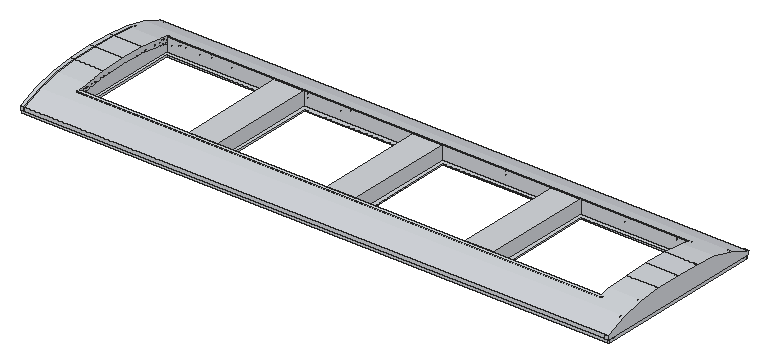
Revit family "Gira_0214763", category Electrical Fixtures, host Face, Revit 2017
Family settings
  Host = Face
  Maintain Annotation Orientation = No
  Round Connector Dimension = Use Diameter
  Part Type = Normal
  Cut with Voids When Loaded = No
  Shared = No
  Room Calculation Point = No
Parameters (values of type "Abdeckrahmen 4f Zwischenr. RW Gira Event Klar Braun")
  Werkstoffgüte = "Thermoplast"
  Werkstoff = "Kunststoff"
  URL = "http://katalog.gira.de/de_DE/datenblatt.html?artikelnr=0214763"
  Transparent = "No"
  Textfeld/Beschriftungsfläche = "No"
  Schutzart (IP) = "IP20"
  Region = "DE"
  Oberfläche = "sonstige"
  Name = "Abdeckrahmen 4f Zwischenr. RW Gira Event Klar Braun"
  Montagerichtung = "horizontal und vertikal"
  Mit Montagerahmen = "No"
  Mit Klappdeckel = "No"
  Manufacturer URL = "https://www.gira.de/"
  Keynote = "Event_Rahmen_4fach"
  HeinzeBIM = "https://bimportal.heinze.de/bim/abdeckrahmen-4f-zwischenr-rw-gira-event-klar-braun/b9238edba9d60ba17ef7f26879fa8a81a5274624"
  Halogenfrei = "Yes"
  HAN = "0214763"
  Geeignet für Unterputz-Installation = "No"
  Geeignet für Unterflurkanaldose = "No"
  Geeignet für Geräteeinbaukanal = "No"
  Geeignet für Einbauinstallation = "No"
  GTIN = "4010337069386"
  Farbe = "braun"
  Default Elevation = 1219.2 mm
  Data sheet (1) = "https://katalog.gira.de/de_DE/download.html?artikelnr=0214763"
  Category = "Abdeckrahmen"
  Befestigungsart = "Klemmbefestigung"
  Available = "Yes"
  Ausführung der Oberfläche = "glänzend"
  Anzahl der Einheiten vertikal = "4 "
  Anzahl der Einheiten horizontal = "4 "
  Anzahl der Einheiten = "4 "
Reference planes
  plane 1 "Center (Front/Back)": y = 0
  plane 2: z = 0
  plane 3 "Center (Left/Right)": x = 0
Forms (mm)
  Extrusion 1, solid, detail levels fine
    sketch origin (0, 0, 0.05) x (0, 1, 0) y (0, 0, 1)
      loop
        arc (12.445, 9.683) -> (6.223, 9.833) -> (0, 9.85) r 291.636
        arc (0, 9.85) -> (-6.223, 9.833) -> (-12.445, 9.683) r 291.636
        arc (-12.445, 9.683) -> (-29.14, 7.482) -> (-45, 1.823) r 79.728
        line (-45, 1.823) -> (-45, -0.05) -> (-42.086, -0.05)
        arc (-42.086, -0.05) -> (-21.385, 5.559) -> (0, 7.206) r 114.424
        arc (0, 7.206) -> (21.385, 5.559) -> (42.086, -0.05) r 114.424
        line (42.086, -0.05) -> (45, -0.05) -> (45, 1.823)
        arc (45, 1.823) -> (29.14, 7.482) -> (12.445, 9.683) r 79.728
    from -151.95 to 151.935
  Extrusion 2, void, detail levels fine
    sketch origin (0, 0, 0) x (1, 0, 0) y (0, 1, 0)
      loop
        line (134.95, 28.035) -> (-134.95, 28.035) -> (-134.95, -28.035) -> (134.95, -28.035) -> (134.95, 28.035)
    from 0.724 to 11
  Extrusion 3, solid, detail levels coarse
    sketch origin (0, 0, 0) x (1, 0, 0) y (0, 1, 0)
      loop
        line (-151.95, 45) -> (-151.95, -45) -> (151.935, -45) -> (151.935, 45) -> (-151.95, 45)
    from -1.5 to 9.9
  Extrusion 4, solid, detail levels medium
    sketch origin (0, 0, 0.05) x (0, 1, 0) y (0, 0, 1)
      loop
        arc (12.445, 9.683) -> (6.223, 9.833) -> (0, 9.85) r 291.636
        arc (0, 9.85) -> (-6.223, 9.833) -> (-12.445, 9.683) r 291.636
        arc (-12.445, 9.683) -> (-29.14, 7.482) -> (-45, 1.823) r 79.728
        line (-45, 1.823) -> (-45, -0.05) -> (45, -0.05) -> (45, 1.823)
        arc (45, 1.823) -> (29.14, 7.482) -> (12.445, 9.683) r 79.728
    from -151.95 to 151.935
  Extrusion 5, solid, detail levels fine
    sketch origin (-106.95, 0, -1.5) x (0, 1, 0) y (0, 0, -1)
      loop
        line (45, -3.373) -> (45, -1.5) -> (-45, -1.5) -> (-45, -3.373)
        arc (-45, -3.373) -> (-29.14, -9.032) -> (-12.445, -11.233) r 79.728
        arc (-12.445, -11.233) -> (-6.223, -11.383) -> (0, -11.4) r 291.636
        arc (0, -11.4) -> (6.223, -11.383) -> (12.445, -11.233) r 291.636
        arc (12.445, -11.233) -> (29.14, -9.032) -> (45, -3.373) r 79.728
    from 43 to 45
  Extrusion 6, solid, detail levels fine
    sketch origin (0, 0, 0) x (1, 0, 0) y (0, 1, 0)
      loop
        line (-132.85, 25.7) -> (-132.85, -25.7) -> (-81.05, -25.7) -> (-81.05, 25.7) -> (-132.85, 25.7)
      loop
        line (-9.755, -25.7) -> (-9.755, 25.7) -> (-61.555, 25.7) -> (-61.555, -25.7) -> (-9.755, -25.7)
      loop
        line (-135.845, 28.49) -> (-135.845, -28.495)
        spline (-135.845, -28.495) -> (-135.836, -28.625) -> (-135.811, -28.754) -> (-135.769, -28.878) -> (-135.711, -28.995) -> (-135.638, -29.104) -> (-135.552, -29.202) -> (-135.454, -29.288) -> (-135.345, -29.361) -> (-135.228, -29.419) -> (-135.104, -29.461) -> (-134.975, -29.486) -> (-134.845, -29.495)
        line (-134.845, -29.495) -> (134.845, -29.495)
        spline (134.845, -29.495) -> (134.975, -29.486) -> (135.104, -29.461) -> (135.228, -29.419) -> (135.345, -29.361) -> (135.454, -29.288) -> (135.552, -29.202) -> (135.638, -29.104) -> (135.711, -28.995) -> (135.769, -28.878) -> (135.811, -28.754) -> (135.836, -28.625) -> (135.845, -28.495)
        line (135.845, -28.495) -> (135.845, 28.49)
        spline (135.845, 28.49) -> (135.836, 28.62) -> (135.811, 28.748) -> (135.769, 28.872) -> (135.711, 28.99) -> (135.638, 29.098) -> (135.552, 29.197) -> (135.454, 29.283) -> (135.345, 29.356) -> (135.228, 29.413) -> (135.104, 29.456) -> (134.975, 29.481) -> (134.845, 29.49)
        line (134.845, 29.49) -> (-134.845, 29.49)
        spline (-134.845, 29.49) -> (-134.975, 29.481) -> (-135.104, 29.456) -> (-135.228, 29.413) -> (-135.345, 29.356) -> (-135.454, 29.283) -> (-135.552, 29.197) -> (-135.638, 29.098) -> (-135.711, 28.99) -> (-135.769, 28.872) -> (-135.811, 28.748) -> (-135.836, 28.62) -> (-135.845, 28.49)
      loop
        line (61.545, -25.7) -> (61.545, 25.7) -> (9.745, 25.7) -> (9.745, -25.7) -> (61.545, -25.7)
      loop
        line (132.85, -25.7) -> (132.85, 25.7) -> (81.05, 25.7) -> (81.05, -25.7) -> (132.85, -25.7)
    from 0.1 to 7.3
  Extrusion 7, solid
    sketch origin (0, 0, 0) x (1, 0, 0) y (0, 1, 0)
      loop
        arc (-151.65, -44.218) -> (-151.504, -44.572) -> (-151.15, -44.718) r 0.5
        line (-151.15, -44.718) -> (151.15, -44.718)
        arc (151.15, -44.718) -> (151.504, -44.572) -> (151.65, -44.218) r 0.5
        line (151.65, -44.218) -> (151.65, 44.182)
        arc (151.65, 44.182) -> (151.504, 44.535) -> (151.15, 44.682) r 0.5
        line (151.15, 44.682) -> (-151.15, 44.682)
        arc (-151.15, 44.682) -> (-151.504, 44.535) -> (-151.65, 44.182) r 0.5
        line (-151.65, 44.182) -> (-151.65, -44.218)
      loop
        line (-149.95, 42.982) -> (-149.95, -43.018) -> (149.95, -43.018) -> (149.95, 42.982) -> (-149.95, 42.982)
    from -1.5 to 0.5
  Extrusion 8, solid, detail levels fine
    sketch origin (106.935, 0, -1.5) x (0, 1, 0) y (0, 0, 1)
      loop
        arc (45, 3.373) -> (29.14, 9.032) -> (12.445, 11.233) r 79.728
        arc (12.445, 11.233) -> (6.223, 11.383) -> (0, 11.4) r 291.636
        arc (0, 11.4) -> (-6.223, 11.383) -> (-12.445, 11.233) r 291.636
        arc (-12.445, 11.233) -> (-29.14, 9.032) -> (-45, 3.373) r 79.728
        line (-45, 3.373) -> (-45, 1.5) -> (45, 1.5) -> (45, 3.373)
    from 43 to 45
  Extrusion 9, solid, detail levels medium
    sketch origin (0, 0, 0) x (1, 0, 0) y (0, 1, 0)
      loop
        line (-151.65, -44.718) -> (151.65, -44.718) -> (151.65, 44.682) -> (-151.65, 44.682) -> (-151.65, -44.718)
    from -1.5 to 0.5
  Extrusion 10, solid, detail levels fine
    sketch origin (-69.857, 0, 0) x (1, 0, 0) y (0, 1, 0)
      loop
        line (-8.943, 28.063) -> (-8.943, -27.937) -> (6.057, -27.937) -> (6.057, 28.063) -> (-8.943, 28.063)
    from 0.724 to 7.566
  Extrusion 11, solid, detail levels fine
    sketch origin (-1.443, 0, 0) x (-1, 0, 0) y (0, -1, 0)
      loop
        line (-8.943, -28.063) -> (6.057, -28.063) -> (6.057, 27.937) -> (-8.943, 27.937) -> (-8.943, -28.063)
    from 0.724 to 7.566
  Extrusion 12, solid, detail levels fine
    sketch origin (69.857, 0, 0) x (-1, 0, 0) y (0, -1, 0)
      loop
        line (-8.943, -28.063) -> (6.057, -28.063) -> (6.057, 27.937) -> (-8.943, 27.937) -> (-8.943, -28.063)
    from 0.724 to 7.566
Cuts and joins
  Extrusion 2 cuts Extrusion 1
  Extrusion 2 cuts Extrusion 6
Dimensions and locks
  aligned and locked: plane 2 to host face
  aligned and locked: level to host face
